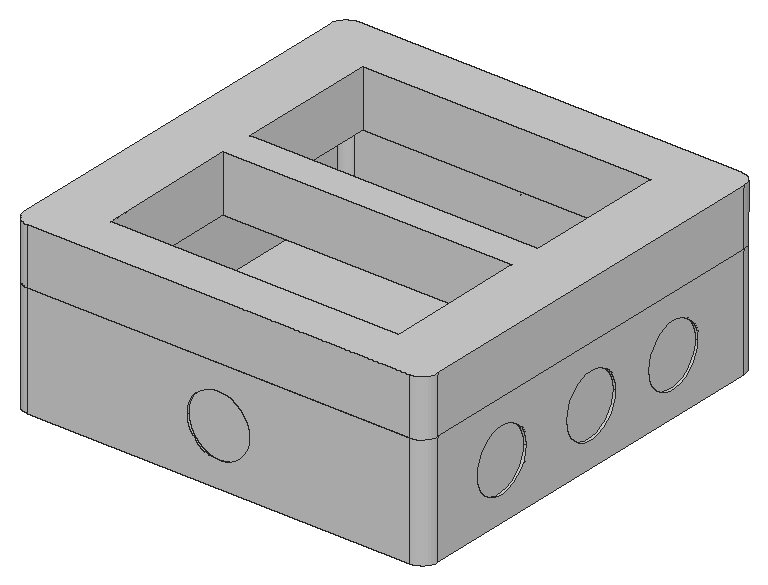
Revit family "Domotics-SerieCivili-GEWISS-27COMBI_SYSTEM-IP40_2P+2P_4P+4P_VERT", category Apparecchi elettrici, host Superficie, Revit 2016
Family settings
  Host = Superficie
  Mantenere orientamento annotazione = Sì
  Tipo di parte = Normale
  Quota connettore circolare = Usa diametro
  Numero OmniClass = 23.80.30.14.24
  Titolo OmniClass = Junction Boxes
  Taglio con vuoti quando caricato = Sì
  Condiviso = No
  Punto di calcolo locali = No
Parameters (values of type "GW27023 - 4x2 posti verticali")
  Viti coperchio = "Acciaio resistente alla corrosione"
  Versione file RFA = "19.4"
  URL = "https://www.gewiss.com/it/it"
  Tipo sfondabili = "Asportabili con utensile"
  Tipo = SYSTEM CONTENITORI IP40 2P V_BASE : GW27023 - 4x2 posti verticali
  Termopressione con biglia = "70 °C"
  Temperatura di installazione = "-25 +60 °C"
  Scheda Tecnica = "https://www.gewiss.com/it/it/search?q=GW27023"
  SEO = "Contenitore"
  SCATOLA = GEWISS GRIGIO
  Resistenza agli urti = "IK07"
  Produttore = "GEWISS S.p.A."
  Predisposizione scomparti = "2"
  Offset contenitore [instance] = 0 mm
  Offset bidimensionale [instance] = Offset contenitore + 55 mm  # 55 mm
  Norma di riferimento: = "EN 60670-1"
  N. fori Ã˜ 23 sfondabili: = "Laterali 10 / Sul fondo 2"
  N. fori Ã˜ 23 sfondabili = "10"
  Modello = "GW27023"
  Larghezza scatola = 132 mm
  IFC.TypeObject = ""
  IFC.ExportType = ""
  IFC.ExportAs = ""
  IDT = "4d4beacb-d2a6-41e4-b355-89df3d8816e0"
  IDF = "caeaa2e3-f54b-4910-81a7-68ed55ea9e6a"
  Grado di protezione = "IP40"
  Glow Wire Test = "650°C"
  Distanza simbolo [instance] = 231.658 mm
  Default Elevation = 1219.2 mm
  Immagine tipo = GW27021.jpg
  Dimensioni BxHxP (mm) = "132x132x55"
  Dim. esterne BxHxP (mm) = "132x132x55"
  Descrizione: = "8 posti"
  Descrizione = "CONTENITORE 8(4X2) POSTI VERT.PROT."
  Creato da GEWISS S.p.A. = ""
  Coppia serraggio viti = "0,8NM"
  Configurazione = "Modulo 4 x 2"
  Colore = "Grigio RAL 7035"
  Codice Electrocod = "0212"
  Codice EAN = "8011564055346"
  Classe isolamento = "II"
  Catalogo Serie = "27COMBI"
  Catalogo = "DOMOTICS"
  Caratteristiche = "Halogen free"
  COBie.Tagnumber = ""
  COBie.CreatedOn = ""
  COBie.CreatebBy = ""
  COBie.ComponentRegisterItemID = ""
  COBie.Component.TagNumber = ""
  COBie.Component.Space = ""
  COBie.Component.SerialNumber = ""
  COBie.Component.InstallationDate = ""
  COBie.Component.Description = ""
  COBie.Component.BarCode = ""
  Bidimensionale = bidimensionale system contenitori IP40 2PV : 4P
  Altezza simbolo [instance] = 102.729 mm
Types (2, lengths in mm): name | Tipo | Scheda Tecnica | Predisposizione scomparti | N. fori Ã˜ 23 sfondabili: | N. fori Ã˜ 23 sfondabili | Modello | Larghezza scatola | IDT | Dimensioni BxHxP (mm) | Dim. esterne BxHxP (mm) | Descrizione: | Descrizione | Configurazione | Codice EAN | Bidimensionale
  GW27021 - 2x2 posti verticali | SYSTEM CONTENITORI IP40 2P V_BASE : GW27021 - 2x2 posti verticali | "https://www.gewiss.com/it/it/search?q=GW27021" | "1" | "Laterali 8 / Sul fondo 1" | "8" | "GW27021" | 82 | "6e7f8601-3478-4fb6-9b79-c6df41029a42" | "82x132x55" | "82x132x55" | "4 posti" | "CONTENITORE 4(2X2) POSTI VERT.PROT." | "Modulo 2 x 2" | "8011564055322" | bidimensionale system contenitori IP40 2PV : 2P
  GW27023 - 4x2 posti verticali | SYSTEM CONTENITORI IP40 2P V_BASE : GW27023 - 4x2 posti verticali | "https://www.gewiss.com/it/it/search?q=GW27023" | "2" | "Laterali 10 / Sul fondo 2" | "10" | "GW27023" | 132 | "4d4beacb-d2a6-41e4-b355-89df3d8816e0" | "132x132x55" | "132x132x55" | "8 posti" | "CONTENITORE 8(4X2) POSTI VERT.PROT." | "Modulo 4 x 2" | "8011564055346" | bidimensionale system contenitori IP40 2PV : 4P
Reference planes
  plane 1 "Centro (Fronte/Retro)": y = 0
  plane 2: z = 0
  plane 3 "Centro (Sinistra/Destra)": x = 0
  plane 4: z = 0
  plane 5 "piano bidimensionale": z = 55
  plane 6: y = 66
  plane 7: y = -66
  plane 8: x = -66
  plane 9: x = 66
Forms (mm)
  Extrusion 1, solid, material "GEWISS GRIGIO" <- "SCATOLA", detail levels coarse
    sketch origin (0, 0, 55) x (0, -1, 0) y (1, 0, 0)
      loop
        arc (-66, -61) -> (-64.536, -64.536) -> (-61, -66) r 5
        line (-61, -66) -> (61, -66)
        arc (61, -66) -> (64.536, -64.536) -> (66, -61) r 5
        line (66, -61) -> (66, 61)
        arc (66, 61) -> (64.536, 64.536) -> (61, 66) r 5
        line (61, 66) -> (-61, 66)
        arc (-61, 66) -> (-64.536, 64.536) -> (-66, 61) r 5
        line (-66, 61) -> (-66, -61)
    from -55 to 0
Lines and regions (mm)
  Masking region 1
    outline origin (0, 0, 0) x (1, 0, 0) y (0, 0, 1)
      loop
        line (-66, 0) -> (66, 0) -> (66, 55) -> (-66, 55) -> (-66, 0)
  Masking region 2
    outline origin (0, 0, 0) x (0, 1, 0) y (0, 0, 1)
      loop
        line (66, 55) -> (-66, 55) -> (-66, 0) -> (66, 0) -> (66, 55)
  Masking region 3, detail levels medium+fine
    outline origin (0, 0, 0) x (1, 0, 0) y (0, 0, 1)
      loop
        circle (0, 18.298) r 10
  Masking region 4, detail levels medium+fine
    outline origin (0, 0, 0) x (0, 1, 0) y (0, 0, 1)
      loop
        circle (0, 18.001) r 10
      loop
        circle (32.689, 18.001) r 10
      loop
        circle (-35.814, 18.001) r 10
Dimensions and locks
  "Offset contenitore": plane 4 to host face
  "Offset bidimensionale": plane 5 "piano bidimensionale" to plane 2
  "Larghezza scatola": plane 8 to plane 9
  equal spacing: plane 8, plane 3 "Centro (Sinistra/Destra)", plane 9
  equal spacing: plane 6, plane 1 "Centro (Fronte/Retro)", plane 7
  locked: plane 6 to plane 7 at 132
  aligned and locked: plane 2 to host face
  aligned and locked: level to host face
  aligned and locked: Extrusion 1 to plane 4
  aligned and locked: plane 5 "piano bidimensionale" to Extrusion 1
  aligned and locked: plane 4 to Extrusion 1  (x5)
  aligned and locked: plane 6 to Extrusion 1
  aligned and locked: Extrusion 1 to plane 8
  aligned and locked: Extrusion 1 to plane 7
  aligned and locked: plane 3 "Centro (Sinistra/Destra)" to nested 1
  aligned and locked: plane 1 "Centro (Fronte/Retro)" to nested 1
  aligned and locked: plane 9 to Extrusion 1 sketch curve
  aligned and locked: Extrusion 1 sketch curve to plane 8
  aligned and locked: plane 5 "piano bidimensionale" to nested 1
  aligned and locked: plane 3 "Centro (Sinistra/Destra)" to nested 2
  aligned and locked: plane 1 "Centro (Fronte/Retro)" to nested 2
  aligned and locked: nested 2 to plane 4
  aligned and locked: Masking region 1 sketch curve to Extrusion 1  (x3)
  aligned and locked: Masking region 1 sketch curve to nested 2
  aligned and locked: Masking region 2 sketch curve to Extrusion 1  (x3)
  aligned and locked: Masking region 2 sketch curve to nested 2
Automatic sketch dimensions
  host sketch curve to host sketch curve = 2438.4 mm  (x2)
  Extrusion 1 sketch curve to Extrusion 1 sketch curve = 5 mm  (x4)
  plane 1 "Centro (Fronte/Retro)" to Extrusion 1 sketch curve = 61 mm
  Extrusion 1 sketch curve to plane 1 "Centro (Fronte/Retro)" = 61 mm
  Masking region 3 sketch curve to plane 3 "Centro (Sinistra/Destra)" = 0 mm
  plane 4 to Masking region 3 sketch curve = 18.298 mm
  plane 1 "Centro (Fronte/Retro)" to Masking region 4 sketch curve = 0 mm
  plane 1 "Centro (Fronte/Retro)" to Masking region 4 sketch curve = 35.814 mm
  Masking region 4 sketch curve to Masking region 4 sketch curve = 32.689 mm
  plane 4 to Masking region 4 sketch curve = 18.001 mm  (x3)
  radius of Masking region 3 sketch curve = 10 mm
  radius of Masking region 4 sketch curve = 10 mm  (x3)
Nested families
  nested 1: "bidimensionale system contenitori IP40 2PV" at (0, 0, 55), type <- "Bidimensionale", type "4P", detail levels coarse
  nested 2: "SYSTEM CONTENITORI IP40 2P V_BASE" at (0, 0, 0), type <- "Tipo", type "GW27023 - 4x2 posti verticali"
Connectors
  cabletrayconduit at (-65.075, 32.75, 18), diameter 20
    settings: on nested 2, index 1, connector width 300 mm, connector height 300 mm, connector angle 0.00°, system type 32, placement type 0, profile type 0, connector reference index -1, is primary connector yes, connector utility param no, connector description ""
  cabletrayconduit at (-65.075, 0, 18), diameter 20
    settings: on nested 2, index 2, connector width 300 mm, connector height 300 mm, connector angle 0.00°, system type 32, placement type 0, profile type 0, connector reference index -1, is primary connector no, connector utility param no, connector description ""
  cabletrayconduit at (0, 66, 18), diameter 20
    settings: on nested 2, index 3, connector width 300 mm, connector height 300 mm, connector angle 0.00°, system type 32, placement type 0, profile type 0, connector reference index -1, is primary connector no, connector utility param no, connector description ""
  cabletrayconduit at (-65.075, -35.75, 18), diameter 20
    settings: on nested 2, index 4, connector width 300 mm, connector height 300 mm, connector angle 0.00°, system type 32, placement type 0, profile type 0, connector reference index -1, is primary connector no, connector utility param no, connector description ""
  cabletrayconduit at (0, -65.559, 18), diameter 20
    settings: on nested 2, index 5, connector width 300 mm, connector height 300 mm, connector angle 0.00°, system type 32, placement type 0, profile type 0, connector reference index -1, is primary connector no, connector utility param no, connector description ""
  cabletrayconduit at (64.922, -35.75, 18), diameter 20
    settings: on nested 2, index 6, connector width 300 mm, connector height 300 mm, connector angle 0.00°, system type 32, placement type 0, profile type 0, connector reference index -1, is primary connector no, connector utility param no, connector description ""
  cabletrayconduit at (64.922, 0, 18), diameter 20
    settings: on nested 2, index 7, connector width 300 mm, connector height 300 mm, connector angle 0.00°, system type 32, placement type 0, profile type 0, connector reference index -1, is primary connector no, connector utility param no, connector description ""
  cabletrayconduit at (66, 32.75, 18), diameter 20
    settings: on nested 2, index 8, connector width 300 mm, connector height 300 mm, connector angle 0.00°, system type 32, placement type 0, profile type 0, connector reference index -1, is primary connector no, connector utility param no, connector description ""
Definition of nested family "SYSTEM CONTENITORI IP40 2P V_BASE"
  Parameters (values of type "GW27021 - 2x2 posti verticali")
    SCATOLA = none
    PRESA = none
    Profondità scatola = 55 mm  # constant formula
    Larghezza scatola = 82 mm
    Larghezza foro = 46 mm
    Bidimensionale = 70 mm
    Altezza scatola = 132 mm  # constant formula
    Altezza foro = 45 mm
  Types (2, lengths in mm): name | Larghezza scatola | Larghezza foro
    GW27021 - 2x2 posti verticali | 82 | 46
    GW27023 - 4x2 posti verticali | 132 | 92
  Reference planes
    plane 1 "Centro (Fronte/Retro)": y = 0
    plane 2: z = 0
    plane 3 "Centro (Sinistra/Destra)": x = 0
    plane 4: y = -66
    plane 5: y = 66
    plane 6: x = -41
    plane 7: x = 41
    plane 8 "PIANO BIDIMENSIONALE": z = 70
    plane 9: z = 55
    plane 10: x = -23
    plane 11: x = 23
    plane 12: y = 48.75
    plane 13: y = 3.75
    plane 14: y = -6.75
    plane 15: y = -51.75
  Forms (mm)
    Extrusion 1, solid, material <- "SCATOLA", detail levels medium+fine
      sketch origin (0, 0, 66) x (0, -1, 0) y (1, 0, 0)
        loop
          arc (-66, -36) -> (-64.536, -39.536) -> (-61, -41) r 5
          line (-61, -41) -> (61, -41)
          arc (61, -41) -> (64.536, -39.536) -> (66, -36) r 5
          line (66, -36) -> (66, 36)
          arc (66, 36) -> (64.536, 39.536) -> (61, 41) r 5
          line (61, 41) -> (-61, 41)
          arc (-61, 41) -> (-64.536, 39.536) -> (-66, 36) r 5
          line (-66, 36) -> (-66, -36)
        loop
          line (61, 39) -> (-61, 39)
          arc (-61, 39) -> (-63.121, 38.121) -> (-64, 36) r 3
          line (-64, 36) -> (-64, -36)
          arc (-64, -36) -> (-63.121, -38.121) -> (-61, -39) r 3
          line (-61, -39) -> (61, -39)
          arc (61, -39) -> (63.121, -38.121) -> (64, -36) r 3
          line (64, -36) -> (64, 36)
          arc (64, 36) -> (63.121, 38.121) -> (61, 39) r 3
      from -66 to -30
    Extrusion 2, solid, material <- "SCATOLA", detail levels medium+fine
      sketch origin (0, 0, 56) x (0, -1, 0) y (1, 0, 0)
        loop
          line (-61, -41) -> (61, -41)
          arc (61, -41) -> (64.536, -39.536) -> (66, -36) r 5
          line (66, -36) -> (66, 36)
          arc (66, 36) -> (64.536, 39.536) -> (61, 41) r 5
          line (61, 41) -> (-61.002, 41)
          arc (-61.002, 41) -> (-64.536, 39.535) -> (-66, 36) r 5
          line (-66, 36) -> (-66, -36)
          arc (-66, -36) -> (-64.536, -39.536) -> (-61, -41) r 5
        loop
          line (51.75, 23) -> (6.75, 23) -> (6.75, -23) -> (51.75, -23) -> (51.75, 23)
        loop
          line (-48.75, -23) -> (-3.75, -23) -> (-3.75, 23) -> (-48.75, 23) -> (-48.75, -23)
      from -20 to -2
    Extrusion 3, void, detail levels medium+fine
      sketch origin (0, 0, 0) x (0, 1, 0) y (0, 0, 1)
        loop
          circle (0, 18) r 10
        loop
          circle (32.75, 18) r 10
        loop
          circle (-35.75, 18) r 10
      from 39.922 to 41
    Extrusion 4, void, detail levels medium+fine
      sketch origin (0, 25.408, 0) x (1, 0, 0) y (0, 0, -1)
        loop
          circle (0, -18) r 10
      from 39.592 to 40.592
    Extrusion 5, void, detail levels medium+fine
      sketch origin (-81, 0, 0) x (0, 1, 0) y (0, 0, 1)
        loop
          circle (0, 18) r 10
        loop
          circle (32.75, 18) r 10
        loop
          circle (-35.75, 18) r 10
      from 40 to 40.925
    Extrusion 6, void
      sketch origin (0, 0, 0) x (1, 0, 0) y (0, 0, 1)
        loop
          circle (0, 18) r 10
      from 65.559 to 66
    Extrusion 7, solid, material <- "SCATOLA", detail levels medium+fine
      sketch origin (0, 0, 0) x (1, 0, 0) y (0, 1, 0)
        loop
          line (-39, 61) -> (-39, -61)
          arc (-39, -61) -> (-38.121, -63.121) -> (-36, -64) r 3
          line (-36, -64) -> (36, -64)
          arc (36, -64) -> (38.121, -63.121) -> (39, -61) r 3
          line (39, -61) -> (39, 61)
          arc (39, 61) -> (38.121, 63.121) -> (36, 64) r 3
          line (36, 64) -> (-36, 64)
          arc (-36, 64) -> (-38.121, 63.121) -> (-39, 61) r 3
      from 0 to 2
  Cuts and joins
    Extrusion 3, Extrusion 4, Extrusion 5, Extrusion 6 cuts Extrusion 1
  Lines and regions (mm)
    Masking region 1
      outline origin (0, 0, 70) x (-1, 0, 0) y (0, -1, 0)
        loop
          circle (-36, -61) r 2
        loop
          line (23, -48.75) -> (23, -3.75) -> (-23, -3.75) -> (-23, -48.75) -> (23, -48.75)
        loop
          circle (36, 61) r 2
        loop
          line (23, 6.75) -> (23, 51.75) -> (-23, 51.75) -> (-23, 6.75) -> (23, 6.75)
        loop
          circle (36, -61) r 2
        loop
          circle (-36, 61) r 2
    Masking region 2
      outline origin (0, 0, 70) x (-1, 0, 0) y (0, -1, 0)
        loop
          circle (-36, -61) r 2
        loop
          line (23, 6.75) -> (23, 51.75) -> (-23, 51.75) -> (-23, 6.75) -> (23, 6.75)
        loop
          line (41, -61) -> (41, 61)
          arc (41, 61) -> (39.536, 64.536) -> (36, 66) r 5
          line (36, 66) -> (-36, 66)
          arc (-36, 66) -> (-39.536, 64.536) -> (-41, 61) r 5
          line (-41, 61) -> (-41, -61)
          arc (-41, -61) -> (-39.536, -64.536) -> (-36, -66) r 5
          line (-36, -66) -> (36, -66)
          arc (36, -66) -> (39.536, -64.536) -> (41, -61) r 5
        loop
          circle (36, 61) r 2
        loop
          line (23, -3.75) -> (-23, -3.75) -> (-23, -48.75) -> (23, -48.75) -> (23, -3.75)
        loop
          circle (36, -61) r 2
        loop
          circle (-36, 61) r 2
  Dimensions and locks
    equal spacing: plane 4, plane 1 "Centro (Fronte/Retro)", plane 5
    plane 4 to plane 5 = 132 mm
    equal spacing: plane 6, plane 3 "Centro (Sinistra/Destra)", plane 7
    "Larghezza scatola": plane 6 to plane 7
    equal spacing: plane 5, plane 1 "Centro (Fronte/Retro)", plane 4
    "Altezza scatola": plane 5 to plane 4
    "Bidimensionale": plane 8 "PIANO BIDIMENSIONALE" to level
    "Profondità scatola": plane 9 to plane 2
    equal spacing: plane 10, plane 3 "Centro (Sinistra/Destra)", plane 11
    "Larghezza foro": plane 10 to plane 11
    "Altezza foro": plane 14 to plane 15
    locked: Extrusion 2 to cut or joined group of Extrusion 1, Extrusion 3, Extrusion 4, Extrusion 5, Extrusion 6 at 0.925
    locked: cut or joined group of Extrusion 1, Extrusion 3, Extrusion 4, Extrusion 5, Extrusion 6 to Extrusion 2 at 1.078
    "Altezza foro": plane 12 to plane 13
    aligned and locked: level to plane 2
    aligned and locked: Extrusion 2 to plane 6
    aligned and locked: plane 7 to Extrusion 2
    aligned and locked: Extrusion 2 to plane 4
    aligned and locked: plane 5 to Extrusion 2
    aligned and locked: Extrusion 2 to Extrusion 1
    aligned and locked: Masking region 1 sketch curve to plane 10
    aligned and locked: Masking region 1 sketch curve to plane 11
    aligned and locked: Masking region 2 to plane 10
    aligned and locked: Masking region 2 to plane 11
    aligned and locked: plane 7 to Extrusion 3
    aligned and locked: plane 5 to Extrusion 4
    aligned and locked: Extrusion 2 to Masking region 1
    aligned and locked: Masking region 1 to Extrusion 2
    aligned and locked: Extrusion 2 to plane 14
    aligned and locked: plane 15 to Extrusion 2 sketch curve
    aligned and locked: Extrusion 2 sketch curve to plane 12
    aligned and locked: plane 10 to Extrusion 2 sketch curve
    aligned and locked: plane 13 to Extrusion 2 sketch curve
    aligned and locked: Extrusion 2 sketch curve to Masking region 2
    aligned and locked: Masking region 1 sketch curve to Extrusion 2  (x5)
    aligned and locked: plane 13 to Masking region 1 sketch curve
    aligned and locked: plane 15 to Masking region 2
    aligned and locked: Extrusion 6 to plane 4
    aligned and locked: Extrusion 7 to cut or joined group of Extrusion 1, Extrusion 3, Extrusion 4, Extrusion 5, Extrusion 6  (x4)
    aligned and locked: Extrusion 5 to plane 6
    aligned and locked: cut or joined group of Extrusion 1, Extrusion 3, Extrusion 4, Extrusion 5, Extrusion 6 to plane 2
    aligned and locked: Extrusion 1 to Extrusion 2
    aligned and locked: Extrusion 1 to level
  Automatic sketch dimensions
    Extrusion 1 sketch curve to plane 5 = 0 mm
    Extrusion 1 sketch curve to plane 6 = 0 mm
    Extrusion 1 sketch curve to plane 7 = 0 mm
    Extrusion 1 sketch curve to plane 4 = 0 mm
    Extrusion 1 sketch curve to Extrusion 1 sketch curve = 5 mm  (x2)
    plane 4 to Extrusion 1 sketch curve = 5 mm  (x2)
    Extrusion 2 sketch curve to plane 5 = 0 mm
    Extrusion 2 sketch curve to plane 7 = 0 mm
    Extrusion 2 sketch curve to plane 6 = 0 mm
    Extrusion 2 sketch curve to plane 10 = 0 mm
    Extrusion 2 sketch curve to plane 14 = 0 mm
    Extrusion 2 sketch curve to plane 4 = 0 mm
    Extrusion 2 sketch curve to plane 11 = 0 mm
    Extrusion 2 sketch curve to plane 5 = 4.998 mm
    Extrusion 2 sketch curve to Extrusion 2 sketch curve = 5 mm  (x2)
    plane 4 to Extrusion 2 sketch curve = 5 mm  (x2)
    Extrusion 3 sketch curve to plane 1 "Centro (Fronte/Retro)" = 0 mm
    plane 15 to Extrusion 3 sketch curve = 16 mm
    Extrusion 3 sketch curve to plane 12 = 16 mm
    level to Extrusion 3 sketch curve = 18 mm  (x3)
    Extrusion 4 sketch curve to plane 3 "Centro (Sinistra/Destra)" = 0 mm
    level to Extrusion 4 sketch curve = 18 mm
    Masking region 2 sketch curve to Masking region 2 sketch curve = 0 mm  (x8)
    Masking region 2 sketch curve to plane 7 = 0 mm
    Masking region 2 sketch curve to plane 5 = 0 mm
    Masking region 2 sketch curve to plane 4 = 0 mm
    Masking region 2 sketch curve to plane 11 = 0 mm  (x2)
    Masking region 2 sketch curve to plane 10 = 0 mm  (x2)
    Masking region 2 sketch curve to plane 6 = 0 mm
    Masking region 2 sketch curve to plane 12 = 0 mm
    Masking region 2 sketch curve to plane 13 = 0 mm
    Masking region 2 sketch curve to plane 14 = 0 mm
    Masking region 2 sketch curve to plane 15 = 0 mm
    Masking region 2 sketch curve to Masking region 2 sketch curve = 5 mm
    plane 4 to Masking region 2 sketch curve = 5 mm  (x2)
    plane 6 to Masking region 2 sketch curve = 5 mm
    Masking region 2 sketch curve to Masking region 2 sketch curve = 2 mm  (x3)
    Extrusion 5 sketch curve to plane 1 "Centro (Fronte/Retro)" = 0 mm
    plane 15 to Extrusion 5 sketch curve = 16 mm
    Extrusion 5 sketch curve to plane 12 = 16 mm
    level to Extrusion 5 sketch curve = 18 mm  (x3)
    Extrusion 6 sketch curve to Extrusion 6 sketch curve = 0 mm  (x2)
    Extrusion 6 sketch curve to plane 3 "Centro (Sinistra/Destra)" = 0 mm
    level to Extrusion 6 sketch curve = 18 mm
    Extrusion 6 sketch curve to plane 3 "Centro (Sinistra/Destra)" = 10 mm
    Masking region 1 sketch curve to plane 7 = 5 mm  (x2)
    plane 6 to Masking region 1 sketch curve = 5 mm  (x2)
    Masking region 1 sketch curve to plane 5 = 5 mm  (x2)
    plane 4 to Masking region 1 sketch curve = 5 mm  (x2)
    Extrusion 1 sketch curve to Extrusion 1 sketch curve = 0 mm  (x7)
    Extrusion 1 sketch curve to Extrusion 1 sketch curve = 2 mm
    plane 6 to Extrusion 7 sketch curve = 2 mm
    plane 4 to Extrusion 7 sketch curve = 2 mm
    Extrusion 7 sketch curve to Extrusion 7 sketch curve = 3 mm  (x2)
    Extrusion 7 sketch curve to plane 7 = 5 mm  (x2)
    Extrusion 7 sketch curve to plane 7 = 2 mm
    Extrusion 7 sketch curve to plane 5 = 5 mm
    radius of Extrusion 3 sketch curve = 10 mm  (x3)
    radius of Extrusion 4 sketch curve = 10 mm
    radius of Masking region 2 sketch curve = 2 mm
    radius of Extrusion 5 sketch curve = 10 mm  (x3)
    radius of Masking region 1 sketch curve = 2 mm  (x4)
Definition of nested family "bidimensionale system contenitori IP40 2PV"
  Parameters (values of type "4P")
    Larghezza scatola = 132 mm
    Larghezza foro = 92 mm
    Altezza scatola = 132 mm
    Altezza foro = 45 mm  # constant formula
  Types (2, lengths in mm): name | Larghezza scatola | Larghezza foro
    2P | 82 | 46
    4P | 132 | 92
  Reference planes
    plane 1 "Centro (Fronte/Retro)": y = 0
    plane 2: z = 0
    plane 3 "Centro (Sinistra/Destra)": x = 0
    plane 4: x = -66
    plane 5: x = 66
    plane 6: y = 66
    plane 7: y = -66
    plane 8: x = 46
    plane 9: x = -46
    plane 10: y = -51.75
    plane 11: y = -6.75
    plane 12: y = 48.75
    plane 13: y = 3.75
  Lines and regions (mm)
    model lines
      curve 1: line (-66, -61, 0) -> (-66, 61, 0)
      curve 2: arc (-66, 61, 0) -> (-64.536, 64.536, 0) -> (-61, 66, 0) r 5
      curve 3: line (-61, 66, 0) -> (61, 66, 0)
      curve 4: arc (61, 66, 0) -> (64.536, 64.536, 0) -> (66, 61, 0) r 5
      curve 5: line (66, 61, 0) -> (66, -61, 0)
      curve 6: arc (66, -61, 0) -> (64.536, -64.536, 0) -> (61, -66, 0) r 5
      curve 7: line (61, -66, 0) -> (-61, -66, 0)
      curve 8: arc (-61, -66, 0) -> (-64.536, -64.536, 0) -> (-66, -61, 0) r 5
      curve 9: circle (-61, 61, 0) r 2 normal (0, 0, 1)
      curve 10: circle (61, 61, 0) r 2 normal (0, 0, 1)
      curve 11: circle (61, -61, 0) r 2 normal (0, 0, 1)
      curve 12: circle (-61, -61, 0) r 2 normal (0, 0, 1)
      curve 13: line (46, -51.75, 0) -> (-46, -51.75, 0)
      curve 14: line (-46, -51.75, 0) -> (-46, -6.75, 0)
      curve 15: line (-46, -6.75, 0) -> (-46, -5.75, 0)
      curve 16: arc (-46, -5.75, 0) -> (-45.414, -4.336, 0) -> (-44, -3.75, 0) r 2
      curve 17: line (-44, -3.75, 0) -> (44, -3.75, 0)
      curve 18: arc (44, -3.75, 0) -> (45.414, -4.336, 0) -> (46, -5.75, 0) r 2
      curve 19: line (46, -5.75, 0) -> (46, -51.75, 0)
      curve 20: line (-46, -6.75, 0) -> (46, -6.75, 0)
      curve 21: line (46, 3.75, 0) -> (-46, 3.75, 0)
      curve 22: line (-46, 3.75, 0) -> (-46, 48.75, 0)
      curve 23: line (-46, 48.75, 0) -> (-46, 49.75, 0)
      curve 24: arc (-46, 49.75, 0) -> (-45.414, 51.164, 0) -> (-44, 51.75, 0) r 2
      curve 25: line (-44, 51.75, 0) -> (44, 51.75, 0)
      curve 26: arc (44, 51.75, 0) -> (45.414, 51.164, 0) -> (46, 49.75, 0) r 2
      curve 27: line (46, 49.75, 0) -> (46, 3.75, 0)
      curve 28: line (-46, 48.75, 0) -> (46, 48.75, 0)
  Dimensions and locks
    equal spacing: plane 6, plane 1 "Centro (Fronte/Retro)", plane 7
    equal spacing: plane 4, plane 3 "Centro (Sinistra/Destra)", plane 5
    "Altezza scatola": plane 6 to plane 7
    "Larghezza scatola": plane 4 to plane 5
    equal spacing: plane 9, plane 3 "Centro (Sinistra/Destra)", plane 8
    "Larghezza foro": plane 9 to plane 8
    "Altezza foro": plane 11 to plane 10
    "Altezza foro": plane 12 to plane 13
    plane 13 to plane 1 "Centro (Fronte/Retro)" = 3.75 mm
    aligned and locked: level to plane 2
  Automatic sketch dimensions
    plane 4 to curve 3 = 5 mm
    curve 1 to curve 8 = 5 mm
    curve 3 to plane 5 = 5 mm
    curve 6 to curve 5 = 5 mm
    curve 2 to curve 9 = 0 mm  (x3)
    curve 4 to curve 10 = 0 mm  (x3)
    curve 6 to curve 11 = 0 mm  (x4)
    curve 8 to curve 12 = 0 mm  (x4)
    plane 11 to curve 16 = 1 mm
    plane 9 to curve 16 = 2 mm
    plane 11 to curve 18 = 1 mm
    plane 12 to curve 24 = 1 mm
    plane 9 to curve 24 = 2 mm
    plane 12 to curve 26 = 1 mm
    curve 1 to plane 4 = 0 mm
    curve 23 to plane 9 = 0 mm
    curve 15 to plane 9 = 0 mm
    curve 18 to plane 8 = 0 mm
    curve 27 to plane 8 = 0 mm
    curve 6 to plane 7 = 0 mm
    curve 5 to plane 5 = 0 mm
    curve 19 to plane 10 = 0 mm
    curve 20 to plane 11 = 0 mm
    curve 27 to plane 13 = 0 mm
    curve 28 to plane 12 = 0 mm
    curve 3 to plane 6 = 0 mm
    radius of curve 9 = 2 mm
    radius of curve 10 = 2 mm
    radius of curve 11 = 2 mm
    radius of curve 12 = 2 mm
